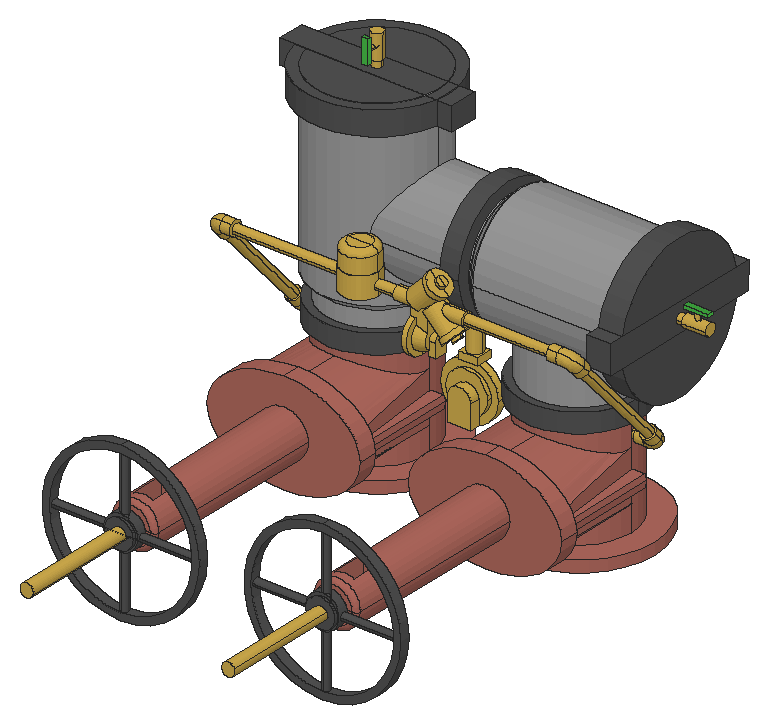
Revit family "Backflow_Preventer-RP-Zurn_Wilkins_Model_475STDA_Flanged (4-10_inch)", category Pipe Accessories, Revit 2022
Family settings
  Round Connector Dimension = Use Radius
  Part Type = Valve - Breaks Into
  Work Plane-Based = No
  Always vertical = Yes
  Cut with Voids When Loaded = No
  Shared = No
Parameters (values of type "10-475STDA (10" 475STDA)")
  Width = 1' - 0"
  URL = "www.zurn.com"
  Symbol = Symbolic diagram 475DAOSY_F : 10"
  Repair Parts URL = "https://files.zurn.com/repair-parts/475stda_475stdav_new_file.pdf"
  Relief valve = Zurn_Wilkins-Model-3707-CU-XL : 10
  Product data URL = "https://www.bimobject.com/en/wilkins/product/zurn-475stda"
  Product Weight (lbs) = 837
  Product Page URL = "https://www.zurn.com/products/water-control/backflow-preventers/475stda"
  Product Installation Sheet URL = "https://files.zurn.com/care-cleaning-install-warranty-sheets/is475st-8.pdf"
  Product Documentation Link = "https://files.zurn.com/spec-sheets/bf-475stda.pdf"
  Nominal Radius = Nominal Diameter / 2  # 0' - 5"
  Nominal Diameter = 0' - 10"
  Modified Data = "11/10/2025"  # constant formula
  Model = "475STDA"
  Max Working Water Temperature = 140 °F
  Max Working Water Pressure = 175.00 psi
  Manufacturer Brand = "Zurn Wilkins"  # constant formula
  Manufacturer = "Zurn Water, LLC"  # constant formula
  Main Valve = Zurn_Wilkins_Model_450ST-(4_Inch) : 10"
  Main Material = Paint - Zurn - Stainless steel
  Length = 2' - 0"
  Inlet to relief valve center = 0' - 10 7/32"
  Hydrostatic test pressure = 350.00 psi
  Height = 1' - 0"
  Gate Valve = Gate Valve_475_OSY : 10"
  Flow Rate (GPM) = 0 GPM
  Fitting Length = 2' - 9"
  Fitting Height = 1' - 5"
  Fitting Bottom end = 2' - 0"
  Description = "Reduced Pressure Detector Assembly"  # constant formula
  DIM E - Valve top to bottom of relief valve = 2' - 8 3/4"
  DIM D - Valve center to side coupling end = 1' - 0 7/8"
  DIM C - Valve center to gate stem top = 3' - 9 5/8"
  DIM B - Overall height of the valve = 3' - 2 3/4"
  Default Elevation = 0' - 0"
  Date Created = "11/10/2025"  # constant formula
  DIM A - Inlet center to outlet center = 1' - 9"
  DA MR Length = Fitting Length + 0' 5 1/2"  # 3' - 2 1/2"
  DA MR Height = 1' - 2"
  DA Length = 1' - 0"
  Center to top of ball on top = 1' - 3 3/4"
  Center to main valve center = 0' - 1 9/16"
  Center to end for fixing gate valve = 0' - 0"
  Center to bottom coupling = 0' - 10"
  Assembly Code = "D2020300"
Reference planes (in)
  plane 1 "Center (Front/Back)": y = 0
  plane 2: z = 0
  plane 3 "Center (Left/Right)": x = 0
  plane 4 "Left Side Plane": x = -12
  plane 5 "Right side Plane": x = 12
  plane 6 "Back Plane": y = 6
  plane 7 "Front Plane": y = -6
  plane 8 "Top Plane": z = 6
  plane 9 "Bottom Plane": z = -6
  plane 10: x = -10.5
  plane 11: x = 10.5
  plane 12: z = 15.75
  plane 13: z = -23
  plane 14: x = -0.28125
  plane 15: z = -17
  plane 16: y = 8.96875
  plane 17: y = -45.625
  plane 18: z = -10
  plane 19: y = -12.875
Dimensions and locks (in)
  equal spacing: plane 5 "Right side Plane", plane 3 "Center (Left/Right)", plane 4 "Left Side Plane"
  "Length": plane 5 "Right side Plane" to plane 4 "Left Side Plane"
  equal spacing: plane 8 "Top Plane", plane 2, plane 9 "Bottom Plane"
  "Height": plane 8 "Top Plane" to plane 9 "Bottom Plane"
  equal spacing: plane 7 "Front Plane", plane 1 "Center (Front/Back)", plane 6 "Back Plane"
  "Width": plane 7 "Front Plane" to plane 6 "Back Plane"
  equal spacing: plane 11, plane 3 "Center (Left/Right)", plane 10
  "DIM A - Inlet center to outlet center": plane 11 to plane 10
  "DIM B - Overall height of the valve": plane 12 to plane 13
  "DIM E - Valve top to bottom of relief valve": plane 12 to plane 15
  "DIM C - Valve center to gate stem top": plane 17 to plane 1 "Center (Front/Back)"
  "Inlet to relief valve center": plane 10 to plane 14
  "Center to bottom coupling": plane 2 to plane 18
  "Center to top of ball on top": plane 12 to plane 2
  "DIM D - Valve center to side coupling end": plane 1 "Center (Front/Back)" to plane 19
  aligned and locked: plane 2 to level
  aligned and locked: nested 1 to plane 10
  aligned and locked: nested 1 to plane 1 "Center (Front/Back)"
  aligned and locked: plane 14 to nested 2
  aligned and locked: nested 2 to plane 2
  aligned and locked: plane 1 "Center (Front/Back)" to nested 2
  aligned and locked: nested 1 to plane 18
  aligned and locked: nested 3 to plane 1 "Center (Front/Back)"
  aligned and locked: plane 13 to nested 3
  aligned and locked: nested 3 to plane 10
  aligned and locked: nested 4 to plane 11
  aligned and locked: nested 4 to plane 13
  aligned and locked: plane 1 "Center (Front/Back)" to nested 4
  aligned and locked: nested 5 to plane 3 "Center (Left/Right)"
  aligned and locked: nested 5 to level
  aligned and locked: plane 19 to nested 5
  aligned and locked: plane 2 to nested 6
  aligned and locked: plane 3 "Center (Left/Right)" to nested 6
  aligned and locked: plane 1 "Center (Front/Back)" to nested 6
Nested families (in)
  nested 1: "Zurn_Wilkins_Model_450ST-(4_Inch)" at (-10.5, 0, -10), type <- "Main Valve", type "10"", detail levels fine
    with Product Install & Maintenance Sheet URL ""
  nested 2: "Zurn_Wilkins-Model-3707-CU-XL" at (0.73462, 8.2845, -14), type <- "Relief valve", type "10", detail levels fine
  nested 3: "Gate Valve_475_OSY" at (-10.5, 0, -16.5) x (0, 0, 1) z (0, -1, 0), type <- "Gate Valve", type "10""
    with Housing Top Radius 0' - 2 3/8", Housing Bottom Radius 0' - 2 1/2", Horizontal Flange Thickness 0' - 1 29/32", Horizontal Flange Height 1' - 0 5/32", Cover Diameter 0' - 7 1/2", Body Radius 0' - 5 1/2", Body Diameter 0' - 11"
  nested 4: "Gate Valve_475_OSY" at (10.5, 0, -16.5) x (0, 0, 1) z (0, -1, 0), type <- "Gate Valve", type "10""
    with Housing Top Radius 0' - 2 3/8", Housing Bottom Radius 0' - 2 1/2", Horizontal Flange Thickness 0' - 1 29/32", Horizontal Flange Height 1' - 0 5/32", Cover Diameter 0' - 7 1/2", Body Radius 0' - 5 1/2", Body Diameter 0' - 11"
  nested 5: "475STDA Bypass" at (2.01587, -18.39999, 0), DA length <- "Fitting Length", Pipe Fitting Bottom Width <- "Fitting Bottom end", Pipe fitting Height <- "Fitting Height", MR Height <- "DA MR Height", MR Length <- "DA MR Length", type "DA Bypass"
    with Pipe fitting length 3' - 1", Pipe fitting Height 1' - 5", Pipe Fitting Bottom Width 2' - 0", MR Length 3' - 2 1/2", MR Height 1' - 2", DA length 2' - 9"
  nested 6: "Symbolic diagram 475DAOSY_F" at (0, 0, 0), type <- "Symbol", type "10""
    with Product Install & Maintenance Sheet URL ""
Connectors (in)
  piping at (-10.5, 0, -23), diameter 10, driven by "Nominal Radius"
    settings: on nested 3, index 1, connector inside diameter 24", connector length 0' - 0", flow factor 0, pipe flow 0 GPM, pressure drop 0.00 psi, fitting loss kfactor 0, connector angle 0.00°, fixture units 0, engagement length 0' - 0", angle of deflection 0.00°, flow configuration 0, flow direction 1, fitting loss method 0, system type 29, joint type 0, gender type 0, connector reference index 2, connector utility 0, adjustable connector no, is connector primary yes, connector description "Inlet"
  piping at (10.5, 0, -23), diameter 10, driven by "Nominal Radius"
    settings: on nested 4, index 2, connector inside diameter 24", connector length 0' - 0", flow factor 0, pipe flow 0 GPM, pressure drop 0.00 psi, fitting loss kfactor 0, connector angle 0.00°, fixture units 0, engagement length 0' - 0", angle of deflection 0.00°, flow configuration 0, flow direction 2, fitting loss method 0, system type 29, joint type 0, gender type 0, connector reference index 1, connector utility 0, adjustable connector no, is connector primary no, connector description "Outlet"
Definition of nested family "Zurn_Wilkins_Model_450ST-(4_Inch)"
  Parameters (values of type "8"")
    zero = 0' - 0"
    bottom of blend length = 0' - 0 183/256"
    Width = 1' - 0"
    Weight = ""
    URL = "http://www.zurn.com/"
    Top of Ball Valve Center = 2' - 1 13/32"
    Standards Compliance = ""
    Specification Sheet URL = ""
    Side Body Length = 1' - 0"
    Side Body Height = 0' - 10"
    Side Body Diameter = 0' - 8 5/8"
    Right Side of Body Length = 1' - 3"
    Repair Parts URL = ""
    Rated Flow = 0 GPM
    Product Page URL = ""
    Product Install & Maintenance Sheet URL [instance] = ""
    Pressure Loss at Rated Flow = 0.00 psi
    Overall length = 1' - 8 1/2"
    Nominal Radius = 0' - 4"
    Nipple dia. = 0' - 1"
    Nipple Length = 0' - 0 23/32"
    Model = "450ST body"
    Max Working Water Temperature = 0 °F
    Max Working Water Pressure = 0.00 psi
    Manufacturer = "Zurn Wilkins"
    Loss Method = (empty or 0)
    Lg coupling width = 0' - 1 1/2"
    Lg coupling thickness = 0' - 2 29/32"
    Lg Coupling dia = Lg Coupling Radius * 2  # 1' - 3"
    Lg Coupling Radius = 0' - 7 1/2"
    Main Body Height = 1' - 8 5/32"
    Main Body Diameter = 1' - 0 3/4"
    Main Body Coupling Height = 0' - 2"
    Length = 2' - 0"
    Hydrostatic Test Pressure = 0.00 psi
    Height to Inlet = 0' - 9 5/8"
    Height = 1' - 0"
    Green Handle = 0' - 0.31842"
    Flow = ""
    Dim. A = 1' - 6 1/2"
    Dim to coupling = 0' - 9 5/8"
    Dim D = 0' - 8 31/32"
    Description = "450ST Double Check Valve Body"
    Default Elevation = 0' - 0"
    Coupling Radius = 0' - 4 25/32"
    Coupling Height = 0' - 2"
    Green Handle Width = 0' - 0.63283"
    Bottom coupling thickness = 0' - 2"
    Blend Width = 0' - 0 225/256"
    Ball Valve Length = 0' - 2 1/2"
    Ball Valve Handle Width = 0' - 6 1/2"
    Ball Valve Handle Height = 0' - 1 1/4"
    Ball Valve Handle Dia. = 0' - 0 1/2"
    Ball Valve Dia. = 0' - 1 1/4"
    4" Coupling dia = 0' - 9 1/2"
  Types (4): name | bottom of blend length | Side Body Length | Side Body Height | Side Body Diameter | Right Side of Body Length | Nominal Radius | Nipple Length | Lg coupling thickness | Lg Coupling dia | Lg Coupling Radius | Main Body Height | Main Body Diameter | Main Body Coupling Height | Height to Inlet | Dim. A | Dim to coupling | Dim D | Coupling Radius | Coupling Height | Bottom coupling thickness | Blend Width | Ball Valve Handle Width | 4" Coupling dia
    4 inch | 0' - 0 1/2" | 0' - 10" | 0' - 6" | 0' - 4 1/2" | 0' - 7 9/16" | 0' - 3 5/16" | 0' - 0 1/8" | 0' - 1 31/32" | 0' - 7 9/32" | 0' - 3 41/64" | 0' - 10 5/8" | 0' - 6 5/8" | 0' - 1 15/16" | 0' - 6" | 1' - 2" | 0' - 7 3/8" | 0' - 4 31/32" | 0' - 2 13/16" | 0' - 1 1/2" | 0' - 1 1/4" | 0' - 0 1/2" | 0' - 0 5/32" | 0' - 5 1/2"
    6" | 0' - 0 183/256" | 0' - 10" | 0' - 7 9/16" | 0' - 6 5/8" | 0' - 11 9/16" | 0' - 3" | 0' - 0 1/4" | 0' - 2 1/32" | 0' - 10 5/16" | 0' - 5 5/32" | 1' - 2 5/8" | 0' - 8 5/8" | 0' - 2" | 0' - 7 9/16" | 1' - 4" | 0' - 7 13/16" | 0' - 6 5/16" | 0' - 4 1/64" | 0' - 2" | 0' - 1 9/32" | 0' - 0 225/256" | 0' - 0 5/32" | 0' - 7 1/2"
    8" | 0' - 0 183/256" | 1' - 0" | 0' - 10" | 0' - 8 5/8" | 1' - 3" | 0' - 4" | 0' - 0 23/32" | 0' - 2 29/32" | 1' - 3" | 0' - 7 1/2" | 1' - 8 5/32" | 1' - 0 3/4" | 0' - 2" | 0' - 9 5/8" | 1' - 6 1/2" | 0' - 9 5/8" | 0' - 8 31/32" | 0' - 4 25/32" | 0' - 2" | 0' - 2" | 0' - 0 225/256" | 0' - 6 1/2" | 0' - 9 1/2"
    10" | 0' - 0 183/256" | 1' - 2" | 0' - 10" | 0' - 10 3/4" | 1' - 2" | 0' - 4 7/32" | 0' - 0 23/32" | 0' - 2 29/32" | 1' - 3" | 0' - 7 1/2" | 1' - 10 17/32" | 1' - 0 3/4" | 0' - 2 1/2" | 0' - 10" | 1' - 9" | 0' - 11 3/4" | 0' - 8 31/32" | 0' - 6 1/2" | 0' - 2" | 0' - 2" | 0' - 0 225/256" | 0' - 6 1/2" | 1' - 0 1/2"
  Reference planes (in)
    plane 1 "Center (Front/Back)": y = 0
    plane 2: z = 0
    plane 3 "Center (Left/Right)": x = 0
    plane 4 "Left Side Plane": x = -12
    plane 5 "Right side Plane": x = 12
    plane 6 "Back Plane": y = 6
    plane 7 "Front Plane": y = -6
    plane 8 "Top Plane": z = 6
    plane 9 "Bottom Plane": z = -6
    plane 10: x = 12
    plane 11: x = 13
    plane 12 "Dim A": x = 18.5
    plane 13 "Center of Side Body": z = 9.625
    plane 14: x = 28
    plane 15: z = 2
    plane 16: z = 18.15625
    plane 17: x = 30
    plane 18: x = 9.625
    plane 19: x = 11.625
    plane 20: z = 20.15625
    plane 21: z = 20.875
    plane 22: x = 33.21875
    plane 23: y = 0
    plane 24: x = 33.90625
    plane 25: y = 0.31642
    plane 26: y = -0.31642
    plane 27: z = 10.875
    plane 28: z = 23.375
    plane 29: z = 22.125
    plane 30: x = 31.94908
    plane 31: y = -1.25
    plane 32: x = 0
    plane 33: z = 15.5
    plane 34: x = -0.31642
    plane 35: x = 0.31642
    plane 36: x = 30.71875
    plane 37: z = 11.19342
    plane 38: y = -1.56842
    plane 39: z = 2.71484
    plane 40: z = 3.59375
    plane 41: z = 0.96223
    plane 42: z = -1.03777
    plane 43: y = 4.3125
    plane 44: y = -4.3125
    plane 45: y = 4.78125
    plane 46: y = -4.78125
    plane 47: y = 6.375
    plane 48: y = -6.375
    plane 49: y = 4
    plane 50: y = -4
    plane 51: y = 0.625
    plane 52: y = -0.625
    plane 53: z = 1
    plane 54: z = -1
    plane 55: y = 8.96875
    plane 56: y = -8.96875
    plane 57: z = 6.78215
    plane 58: z = 11.07812
    plane 59: z = 8.17187
    plane 60: y = 1.45312
    plane 61: y = -1.45313
    plane 62: x = -8.96875
    plane 63: x = 8.96875
    plane 64: y = 1.45312
    plane 65: y = -1.45313
    plane 66: x = -8.96875
    plane 67 "wewdwewe": z = 0
  Forms (in)
    Extrusion 1, solid, detail levels fine
      sketch origin (0, 0, 0) x (1, 0, 0) y (0, 1, 0)
        loop
          circle (0, 0) r 4.3125
      from 0 to 9.625
    Extrusion 2, solid, detail levels fine
      sketch origin (0, 0, 0) x (1, 0, 0) y (0, 1, 0)
        loop
          circle (0, 0) r 6.375
      from 3.59375 to 20.15625
    Blend 3, solid, detail levels fine
      base sketch origin (0, 0, 0) x (1, 0, 0) y (0, 1, 0)
        loop
          circle (0, 0) r 4.3125
      top sketch origin (0, 0, 0) x (1, 0, 0) y (0, 1, 0)
        loop
          circle (0, 0) r 6.375
      from 2.71484 to 3.59375
    Extrusion 4, solid, detail levels fine
      sketch origin (0, 0, 0) x (1, 0, 0) y (0, 1, 0)
        loop
          circle (0, 0) r 7.5
      from 18.15625 to 20.15625
    Extrusion 5, solid, detail levels fine
      sketch origin (0, 0, 0) x (0, 1, 0) y (0, 0, 1)
        loop
          circle (0, 9.625) r 4.3125
      from 0 to 12
    Blend 6, solid, detail levels fine
      base sketch origin (0, 0, 0) x (0, 1, 0) y (0, 0, 1)
        loop
          circle (0, 9.625) r 4.3125
      top sketch origin (0, 0, 0) x (0, 1, 0) y (0, 0, 1)
        loop
          circle (0, 9.625) r 6.375
      from 12 to 13
    Extrusion 7, solid, detail levels fine
      sketch origin (0, 0, 0) x (1, 0, 0) y (0, 1, 0)
        loop
          circle (18.5, 0) r 4.3125
      from 0 to 9.625
    Extrusion 8, solid, detail levels fine
      sketch origin (0, 0, 0) x (0, 1, 0) y (0, 0, 1)
        loop
          circle (0, 9.625) r 6.375
      from 13 to 28
    Extrusion 9, solid, detail levels fine
      sketch origin (0, 0, 0) x (0, 1, 0) y (0, 0, 1)
        loop
          circle (0, 9.625) r 7.5
      from 30 to 28
    Extrusion 10, solid, detail levels fine
      sketch origin (0, 0, 0) x (0, 1, 0) y (0, 0, 1)
        loop
          circle (0, 9.625) r 4.78125
      from 9.625 to 11.625
    Extrusion 11, solid, detail levels fine
      sketch origin (0, 0, 0) x (1, 0, 0) y (0, 1, 0)
        loop
          circle (0, 0) r 0.5
      from 20.15625 to 20.875
    Extrusion 12, solid, detail levels fine
      sketch origin (0, 0, 0) x (0, 1, 0) y (0, 0, 1)
        loop
          circle (0, 9.625) r 0.5
      from 30 to 30.71875
    Extrusion 13, solid, detail levels fine
      sketch origin (0, 0, 0) x (0, 1, 0) y (0, 0, 1)
        loop
          circle (0, 9.625) r 0.625
      from 30.71875 to 33.21875
    Extrusion 14, solid, detail levels fine
      sketch origin (10.98033, 0, 0) x (1, 0, 0) y (0, 1, 0)
        loop
          circle (20.96875, 0) r 0.25
      from 9.625 to 10.875
    Extrusion 15, solid, detail levels fine
      sketch origin (8.5, 0, 0) x (1, 0, 0) y (0, 1, 0)
        loop
          line (22.21875, 0.31642) -> (22.21875, -0.31642) -> (24.71875, -0.31642) -> (24.71875, 0.31642) -> (22.21875, 0.31642)
      from 10.875 to 11.19342
    Extrusion 16, solid, detail levels fine
      sketch origin (0, 0, 0) x (1, 0, 0) y (0, 1, 0)
        loop
          circle (0, 0) r 0.625
      from 20.875 to 23.375
    Extrusion 17, solid, detail levels fine
      sketch origin (0, 0, 0) x (1, 0, 0) y (0, 0, 1)
        loop
          circle (0, 22.125) r 0.25
      from 0 to 1.25
    Extrusion 18, solid, detail levels fine
      sketch origin (0, 0, 0) x (1, 0, 0) y (0, 0, 1)
        loop
          line (-0.31642, 23.375) -> (-0.31642, 20.875) -> (0.31642, 20.875) -> (0.31642, 23.375) -> (-0.31642, 23.375)
      from 1.25 to 1.56842
    Extrusion 19, solid, detail levels fine
      sketch origin (0, 0, 0) x (1, 0, 0) y (0, 1, 0)
        loop
          circle (0, 0) r 4.75
        loop
          circle (18.5, 0) r 4.75
      from -1 to 1
    Extrusion 20, solid, detail levels fine
      sketch origin (0, 0, 0) x (0, 1, 0) y (0, 0, 1)
        loop
          line (-8.96875, 11.07812) -> (-8.96875, 8.17187) -> (8.96875, 8.17187) -> (8.96875, 11.07812) -> (-8.96875, 11.07812)
      from 30 to 28
    Extrusion 21, solid, detail levels fine
      sketch origin (0, 0, 0) x (1, 0, 0) y (0, 1, 0)
        loop
          line (-8.96875, 1.45312) -> (-8.96875, -1.45313) -> (8.96875, -1.45313) -> (8.96875, 1.45312) -> (-8.96875, 1.45312)
      from 18.15625 to 20.15625
  Lines and regions (in)
    Masking region 1, detail levels fine
      outline origin (0, 0, 0) x (1, 0, 0) y (0, 1, 0)
        loop
          arc (6.13615, 4.3125) -> (-1.55472, 7.33709) -> (-7.35788, 1.45312) r 7.5
          line (-7.35788, 1.45312) -> (-8.96875, 1.45312) -> (-8.96875, -1.45313) -> (-7.35788, -1.45313)
          arc (-7.35788, -1.45313) -> (-1.55472, -7.33709) -> (6.13615, -4.3125) r 7.5
          line (6.13615, -4.3125) -> (9.625, -4.3125) -> (9.625, -4.78125) -> (11.625, -4.78125) -> (11.625, -4.3125) -> (12, -4.3125) -> (13, -6.375) -> (28, -6.375) -> (28, -8.96875) -> (30, -8.96875) -> (30, -0.625) -> (33.21875, -0.625) -> (33.21875, 0.625) -> (30, 0.625) -> (30, 8.96875) -> (28, 8.96875) -> (28, 6.375) -> (13, 6.375) -> (12, 4.3125) -> (11.625, 4.3125) -> (11.625, 4.78125) -> (9.625, 4.78125) -> (9.625, 4.3125) -> (6.13615, 4.3125)
  Dimensions and locks (in)
    equal spacing: plane 5 "Right side Plane", plane 3 "Center (Left/Right)", plane 4 "Left Side Plane"
    "Length": plane 5 "Right side Plane" to plane 4 "Left Side Plane"
    equal spacing: plane 8 "Top Plane", plane 2, plane 9 "Bottom Plane"
    "Height": plane 8 "Top Plane" to plane 9 "Bottom Plane"
    equal spacing: plane 7 "Front Plane", plane 1 "Center (Front/Back)", plane 6 "Back Plane"
    "Width": plane 7 "Front Plane" to plane 6 "Back Plane"
    "Side Body Length": plane 3 "Center (Left/Right)" to plane 10
    locked: plane 10 to plane 11 at 1
    "Dim. A": plane 3 "Center (Left/Right)" to plane 12 "Dim A"
    locked: Extrusion 7 sketch curve to plane 12 "Dim A"
    locked: Extrusion 7 sketch curve to plane 1 "Center (Front/Back)"
    "Height to Inlet": plane 13 "Center of Side Body" to plane 2
    "Right Side of Body Length": plane 14 to plane 11
    "Coupling Height": plane 15 to plane 2
    "Main Body Coupling Height": plane 17 to plane 14
    "Dim to coupling": plane 18 to plane 3 "Center (Left/Right)"
    "Coupling Height": plane 19 to plane 18
    "Main Body Height": plane 20 to plane 2
    "Main Body Coupling Height": plane 20 to plane 16
    "Nipple Length": plane 21 to plane 20
    Extrusion 12 sketch curve to plane 1 "Center (Front/Back)" = 0' - 0"
    "Ball Valve Length": plane 28 to plane 21
    equal spacing: plane 28, plane 29, plane 21, locked at 1.25 each
    plane 30 to plane 22 = 0' - 1.26967"
    locked: plane 30 to Extrusion 14 sketch curve
    locked: Extrusion 14 sketch curve to plane 1 "Center (Front/Back)"
    locked: Extrusion 17 sketch curve to plane 3 "Center (Left/Right)"
    locked: Extrusion 17 sketch curve to plane 29
    "Green Handle Width": plane 25 to plane 26
    "Green Handle Width": plane 35 to plane 34
    equal spacing: plane 35, plane 32, plane 34, locked at 0.31642 each
    "Height to Inlet": Extrusion 12 sketch curve to plane 2
    "Nipple Length": plane 17 to plane 36
    "Ball Valve Length": plane 36 to plane 22
    "Ball Valve Handle Height": plane 27 to plane 13 "Center of Side Body"
    "Green Handle": plane 37 to plane 27
    "Ball Valve Handle Height": plane 31 to plane 1 "Center (Front/Back)"
    "Green Handle": plane 31 to plane 38
    plane 17 to plane 3 "Center (Left/Right)" = 2' - 6"
    "bottom of blend length": plane 39 to plane 15
    "Blend Width": plane 40 to plane 39
    "Coupling Height": plane 41 to plane 42
    equal spacing: plane 44, plane 1 "Center (Front/Back)", plane 43
    "Coupling Radius": plane 46 to plane 1 "Center (Front/Back)" to plane 45
    equal spacing: plane 47, plane 1 "Center (Front/Back)", plane 48
    plane 50 to plane 1 "Center (Front/Back)" to plane 49 = 0' - 4" locked, 0' - 4" locked
    plane 51 to plane 1 "Center (Front/Back)" to plane 52 = 0' - 0 5/8" locked, 0' - 0 5/8" locked
    equal spacing: plane 53, level, plane 54
    "Bottom coupling thickness": plane 53 to plane 54
    equal spacing: plane 56, plane 1 "Center (Front/Back)", plane 55
    "Dim D": plane 1 "Center (Front/Back)" to plane 55
    equal spacing: plane 62, plane 3 "Center (Left/Right)", plane 63
    "Dim D": plane 3 "Center (Left/Right)" to plane 63
    equal spacing: plane 65, plane 1 "Center (Front/Back)", plane 64
    "Dim D": plane 66 to plane 3 "Center (Left/Right)"
    "Side Body Diameter": plane 44 to plane 43
    "Main Body Diameter": plane 47 to plane 48
    "Lg coupling thickness": plane 65 to plane 64
    equal spacing: plane 58, plane 13 "Center of Side Body", plane 59
    "Lg coupling thickness": plane 59 to plane 58
    equal spacing: plane 61, plane 1 "Center (Front/Back)", plane 60
    "Lg coupling thickness": plane 61 to plane 60
    "Main Body Diameter": diameter of Blend 3 sketch curve
    "Main Body Diameter": diameter of Extrusion 2 sketch curve
    "Lg Coupling Radius": radius of Extrusion 4 sketch curve
    "Side Body Diameter": diameter of Extrusion 5 sketch curve
    "Side Body Diameter": diameter of Blend 6 sketch curve
    "Main Body Diameter": diameter of Blend 6 sketch curve
    "Main Body Diameter": diameter of Extrusion 8 sketch curve
    "Lg Coupling Radius": radius of Extrusion 9 sketch curve
    "Coupling Radius": radius of Extrusion 10 sketch curve
    "Nipple dia.": diameter of Extrusion 11 sketch curve
    "Nipple dia.": diameter of Extrusion 12 sketch curve
    "Ball Valve Dia.": diameter of Extrusion 13 sketch curve
    "Ball Valve Dia.": diameter of Extrusion 16 sketch curve
    "Ball Valve Handle Dia.": diameter of Extrusion 17 sketch curve
    "Ball Valve Handle Dia.": diameter of Extrusion 14 sketch curve
    "Side Body Diameter": diameter of Extrusion 7 sketch curve
    "Side Body Diameter": diameter of Extrusion 1 sketch curve
    "Side Body Diameter": diameter of Blend 3 sketch curve
    "4" Coupling dia": diameter of Extrusion 19 sketch curve  (x2)
    "Lg Coupling dia": diameter of Masking region 1 sketch curve  (x2)
    aligned and locked: plane 2 to level
    aligned and locked: Blend 3 to Extrusion 2
    aligned and locked: Extrusion 4 to Extrusion 2
    aligned and locked: Extrusion 5 to plane 3 "Center (Left/Right)"
    aligned and locked: Extrusion 5 to plane 10
    aligned and locked: Blend 6 to plane 11
    aligned and locked: Blend 6 to Extrusion 5
    aligned and locked: plane 13 "Center of Side Body" to Extrusion 7
    aligned and locked: plane 11 to Extrusion 8
    aligned and locked: plane 14 to Extrusion 8
    aligned and locked: plane 14 to Extrusion 9
    aligned and locked: Extrusion 9 to plane 17
    aligned and locked: Extrusion 10 to plane 18
    aligned and locked: plane 19 to Extrusion 10
    aligned and locked: Extrusion 4 to plane 20
    aligned and locked: plane 20 to Extrusion 11
    aligned and locked: Extrusion 11 to plane 21
    aligned and locked: Extrusion 7 to Extrusion 14
    aligned and locked: Extrusion 15 sketch curve to plane 25
    aligned and locked: Extrusion 15 sketch curve to plane 26
    aligned and locked: plane 21 to Extrusion 16
    aligned and locked: Extrusion 16 to plane 28
    aligned and locked: plane 23 to plane 1 "Center (Front/Back)"
    aligned and locked: Extrusion 17 to plane 31
    aligned and locked: plane 28 to Extrusion 18 sketch curve
    aligned and locked: Extrusion 18 sketch curve to plane 21
    aligned and locked: plane 34 to Extrusion 18 sketch curve
    aligned and locked: Extrusion 18 sketch curve to plane 35
    aligned and locked: plane 32 to plane 3 "Center (Left/Right)"
    aligned and locked: plane 16 to Extrusion 4
    aligned and locked: Extrusion 12 to plane 17
    aligned and locked: Extrusion 12 to plane 36
    aligned and locked: plane 36 to Extrusion 13
    aligned and locked: plane 22 to Extrusion 13
    aligned and locked: plane 27 to Extrusion 14
    aligned and locked: plane 36 to Extrusion 15
    aligned and locked: plane 22 to Extrusion 15
    aligned and locked: Extrusion 15 to plane 27
    aligned and locked: plane 37 to Extrusion 15
    aligned and locked: plane 31 to Extrusion 18
    aligned and locked: plane 38 to Extrusion 18
    aligned and locked: plane 13 "Center of Side Body" to Extrusion 1
    aligned and locked: Blend 3 to plane 39
    aligned and locked: plane 40 to Extrusion 2
    aligned and locked: Extrusion 1 to plane 2
    aligned and locked: plane 3 "Center (Left/Right)" to Masking region 1 sketch curve  (x2)
    aligned and locked: plane 1 "Center (Front/Back)" to Masking region 1 sketch curve  (x2)
    aligned and locked: Masking region 1 sketch curve to plane 14
    aligned and locked: plane 14 to Masking region 1 sketch curve
    aligned and locked: Masking region 1 sketch curve to plane 17
    aligned and locked: plane 17 to Masking region 1 sketch curve
    aligned and locked: plane 19 to Masking region 1 sketch curve
    aligned and locked: Masking region 1 sketch curve to plane 18
    aligned and locked: plane 18 to Masking region 1 sketch curve
    aligned and locked: Masking region 1 sketch curve to plane 19
    aligned and locked: plane 10 to Masking region 1 sketch curve  (x2)
    aligned and locked: plane 11 to Masking region 1 sketch curve  (x2)
    aligned and locked: Masking region 1 sketch curve to plane 43  (x2)
    aligned and locked: plane 44 to Masking region 1 sketch curve  (x3)
    aligned and locked: Masking region 1 sketch curve to plane 45
    aligned and locked: plane 46 to Masking region 1 sketch curve
    aligned and locked: plane 47 to Masking region 1 sketch curve
    aligned and locked: Masking region 1 sketch curve to plane 48
    aligned and locked: plane 43 to Masking region 1 sketch curve
    aligned and locked: plane 22 to Masking region 1 sketch curve
    aligned and locked: Masking region 1 sketch curve to plane 51
    aligned and locked: Masking region 1 sketch curve to plane 52
    aligned and locked: plane 3 "Center (Left/Right)" to Extrusion 19 sketch curve
    aligned and locked: plane 1 "Center (Front/Back)" to Extrusion 19 sketch curve  (x2)
    aligned and locked: plane 12 "Dim A" to Extrusion 19 sketch curve
    aligned and locked: Extrusion 19 to plane 54
    aligned and locked: Extrusion 19 to plane 53
    aligned and locked: plane 58 to Extrusion 20 sketch curve
    aligned and locked: plane 59 to Extrusion 20 sketch curve
    aligned and locked: Extrusion 20 sketch curve to plane 55
    aligned and locked: Extrusion 20 sketch curve to plane 56
    aligned and locked: Extrusion 9 to Extrusion 20
    aligned and locked: Extrusion 20 to plane 14
    aligned and locked: plane 55 to Masking region 1 sketch curve
    aligned and locked: Masking region 1 sketch curve to plane 56
    aligned and locked: Extrusion 21 sketch curve to plane 61
    aligned and locked: plane 60 to Extrusion 21 sketch curve
    aligned and locked: plane 62 to Extrusion 21 sketch curve
    aligned and locked: plane 63 to Extrusion 21 sketch curve
    aligned and locked: Extrusion 21 to Extrusion 4
    aligned and locked: Extrusion 21 to Extrusion 2
    aligned and locked: Masking region 1 sketch curve to plane 64
    aligned and locked: Masking region 1 sketch curve to plane 66
    aligned and locked: Masking region 1 sketch curve to plane 65
    aligned and locked: plane 65 to Masking region 1 sketch curve
    aligned and locked: plane 1 "Center (Front/Back)" to Extrusion 8 sketch curve
    aligned and locked: plane 13 "Center of Side Body" to Extrusion 8 sketch curve
    aligned and locked: plane 1 "Center (Front/Back)" to Extrusion 5 sketch curve
    aligned and locked: plane 13 "Center of Side Body" to Extrusion 5 sketch curve
    aligned and locked: plane 1 "Center (Front/Back)" to Extrusion 10 sketch curve
    aligned and locked: plane 13 "Center of Side Body" to Extrusion 10 sketch curve
    aligned and locked: plane 1 "Center (Front/Back)" to Blend 6 sketch curve  (x2)
    aligned and locked: plane 13 "Center of Side Body" to Blend 6 sketch curve  (x2)
    aligned and locked: plane 1 "Center (Front/Back)" to Extrusion 9 sketch curve
    aligned and locked: plane 13 "Center of Side Body" to Extrusion 9 sketch curve
    aligned and locked: plane 1 "Center (Front/Back)" to Extrusion 2 sketch curve
    aligned and locked: plane 3 "Center (Left/Right)" to Extrusion 2 sketch curve
    aligned and locked: plane 3 "Center (Left/Right)" to Blend 3 sketch curve  (x2)
    aligned and locked: plane 1 "Center (Front/Back)" to Blend 3 sketch curve  (x2)
    aligned and locked: plane 3 "Center (Left/Right)" to Extrusion 1 sketch curve
    aligned and locked: plane 1 "Center (Front/Back)" to Extrusion 1 sketch curve
    aligned and locked: plane 3 "Center (Left/Right)" to Extrusion 4 sketch curve
    aligned and locked: plane 1 "Center (Front/Back)" to Extrusion 4 sketch curve
    aligned and locked: plane 1 "Center (Front/Back)" to Extrusion 11 sketch curve
    aligned and locked: plane 3 "Center (Left/Right)" to Extrusion 11 sketch curve
    aligned and locked: plane 3 "Center (Left/Right)" to Extrusion 16 sketch curve
    aligned and locked: plane 1 "Center (Front/Back)" to Extrusion 16 sketch curve
    aligned and locked: Extrusion 7 to level
    aligned and locked: level to plane 67 "wewdwewe"
    aligned and locked: plane 1 "Center (Front/Back)" to Extrusion 13 sketch curve
    aligned and locked: plane 13 "Center of Side Body" to Extrusion 13 sketch curve
  Automatic sketch dimensions
    Extrusion 15 sketch curve to plane 36 = 0' - 0"
    plane 22 to Extrusion 15 sketch curve = 0' - 0"
Definition of nested family "Zurn_Wilkins-Model-3707-CU-XL"
  Parameters (values of type "8"")
    Valve position = 1' - 6 5/16"
    Weight = "5 lbs."
    Valve center to relief valve bottom = 1' - 4 7/8"
    Test Cock Position = 0' - 6 1/4"
    Pipe Sweep Length = 1' - 2 11/32"
    Top Pipe Position = 0' - 11 31/32"
    Pipe2 Position = 0' - 10 7/8"
    Pipe1 Position = 0' - 5 15/32"
    Model = "3707-CU-XL"
    Loss Method = (empty or 0)
    Left Pipe Length = 0' - 6"
    Flange Thickness = 0' - 1 1/4"
    Flange Radius = Pipe Size + 0' 1"  # 0' - 3"
    Right Flange Radius = 0' - 4 1/32"
    Right Flange Positon = 0' - 6 3/32"
    Right Body Position = 0' - 4 1/2"
    Description = "Relief Valve"
    Default Elevation = 0' - 0"
    Center Plane Left = 0' - 8 31/32"
    Center Plan Right = 0' - 8 15/16"
    Valve connection Position = 0' - 1"
    Right Body Radius = 0' - 4 1/4"
    Assembly Code = ""
    Pipe Size = 0' - 2"
    Larger Radius = Body Radius * 1.6  # 0' - 2.4"
    Body Radius = (Pipe Size / 2) + 0' 0 1/2"  # 0' - 1 1/2"
    Right Body Length = 1' - 1 77/256"
  Types (4): name | Valve center to relief valve bottom
    10 | 1' - 5"
    8" | 1' - 4 7/8"
    6" | 1' - 0 9/16"
    4" | 0' - 11 1/8"
  Reference planes (in)
    plane 1 "Center (Front/Back)": y = -8.2845
    plane 2: z = 0
    plane 3: y = -5.8845
    plane 4: y = -10.6845
    plane 5: x = 8.14038
    plane 6: x = -10.17212
    plane 7: x = -1.01587
    plane 8 "Back Plane": y = 0.59737
    plane 9: through (6.67018, -180, 20.32559) normal (0.7071, 0, -0.7071)
    plane 10: through (17.19592, -180, 18.2118) normal (0.7071, 0, -0.7071)
    plane 11: through (3.83807, -180, 7.82979) normal (0.7071, 0, 0.7071)
    plane 12: through (-7.61286, -180, 6.59699) normal (0.7071, 0, 0.7071)
    plane 13: z = -1
    plane 14: y = -7.847
    plane 15: y = -6.67512
    plane 16: y = -8.98848
    plane 17: y = -9.37069
    plane 18: y = -10.35695
    plane 19: y = -7.47808
    plane 20: y = -9.20892
    plane 21: z = 3.53175
    plane 22: z = 13.875
    plane 23: z = -2.67624
    plane 24: z = -3
  Forms (in)
    Extrusion 1, solid, detail levels fine
      sketch origin (0.26238, -8.2845, -4.27255) x (1, 0, 0) y (0, 0, 1)
        loop
          line (-2.27826, 7.8043) -> (-2.27826, 7.0438) -> (-0.27826, 7.0438) -> (-0.27826, 7.8043) -> (-2.27826, 7.8043)
      from -0.80642 to 0.92443
    Extrusion 2, solid, detail levels fine
      sketch origin (-0.00029, -8.2845, -0.00089) x (1, 0, 0) y (0, 0, 1)
        loop
          arc (0.18655, -0.22415) -> (-1.01558, 0.97798) -> (-2.21771, -0.22415) r 1.20213
          line (-2.21771, -0.22415) -> (-2.21771, -2.67535) -> (0.18655, -2.67535) -> (0.18655, -0.22415)
      from 1.08619 to 2.07246
    Extrusion 3, solid, detail levels fine
      sketch origin (-0.00029, -8.2845, -0.00089) x (1, 0, 0) y (0, 0, 1)
        loop
          circle (-1.01558, 0.00089) r 3
      from 0 to 0.70398
    Extrusion 4, solid, detail levels fine
      sketch origin (-0.00029, -8.2845, -0.00089) x (1, 0, 0) y (0, 0, 1)
        loop
          circle (-1.01558, 0.00089) r 2.18
      from 0.70398 to 1.08619
    Extrusion 5, solid, detail levels fine
      sketch origin (0.347, 0.59737, 0.06309) x (-1, 0, 0) y (0, 0, 1)
        loop
          circle (1.36287, -0.06309) r 2.25
      from -8.88186 to -8.44436
    Extrusion 6, solid, detail levels fine
      sketch origin (0.347, 0.59737, 0.06309) x (-1, 0, 0) y (0, 0, 1)
        loop
          circle (1.36287, -0.06309) r 1.0625
      from -8.44436 to -7.27249
    Extrusion 7, solid, detail levels fine
      sketch origin (0, 0, 0) x (1, 0, 0) y (0, 1, 0)
        loop
          circle (-1.01587, -8.2845) r 0.75
      from 3.53175 to 13.875
  Dimensions and locks (in)
    "Larger Radius": plane 3 to plane 1 "Center (Front/Back)"
    "Larger Radius": plane 4 to plane 1 "Center (Front/Back)"
    equal spacing: plane 5, plane 7, plane 6
    "Valve position": plane 5 to plane 6
    "Center Plan Right": plane 10 to plane 9
    "Center Plane Left": plane 11 to plane 12
    "Valve connection Position": level to plane 13
    locked: plane 8 "Back Plane" to plane 1 "Center (Front/Back)" at 8.88186
    locked: Extrusion 1 sketch curve to Extrusion 1 sketch curve at 0.7605
    locked: Extrusion 2 sketch curve to Extrusion 2 sketch curve at 2.40425
    locked: Extrusion 1 to Extrusion 2 sketch curve at 5.44749
    locked: plane 7 to Extrusion 3 sketch curve at 0
    locked: plane 2 to Extrusion 3 sketch curve
    locked: plane 7 to Extrusion 4 sketch curve at 0
    locked: plane 2 to Extrusion 4 sketch curve
    locked: plane 7 to Extrusion 2 sketch curve
    plane 7 to Extrusion 1 sketch curve = 0' - 1"  (x2)
    locked: plane 7 to Extrusion 5 sketch curve at 0
    locked: Extrusion 5 sketch curve to plane 2
    locked: plane 14 to plane 1 "Center (Front/Back)" at 0.4375
    locked: Extrusion 6 sketch curve to plane 7 at 0
    locked: Extrusion 6 sketch curve to plane 2 at 0
    locked: plane 15 to plane 14 at 1.17188
    plane 1 "Center (Front/Back)" to plane 16 = 0' - 0.70398"
    locked: plane 16 to plane 17 at 0.38221
    locked: plane 17 to plane 18 at 0.98626
    locked: plane 19 to plane 20 at 1.73084
    locked: plane 2 to plane 21 at 3.53175
    locked: plane 2 to Extrusion 2 sketch curve at 0.22504
    locked: level to plane 23 at 2.67624
    locked: level to plane 24 at 3
    "Valve center to relief valve bottom": plane 22 to plane 24
    radius of Extrusion 4 sketch curve = 0' - 2.18"
    radius of Extrusion 2 sketch curve = 0' - 1.20213"
    radius of Extrusion 5 sketch curve = 0' - 2 1/4"
    radius of Extrusion 6 sketch curve = 0' - 1 1/16"
    diameter of Extrusion 7 sketch curve = 0' - 1 1/2"
    aligned and locked: Extrusion 4 to Extrusion 3
    aligned and locked: Extrusion 2 to Extrusion 4
    aligned and locked: plane 1 "Center (Front/Back)" to Extrusion 5
    aligned and locked: plane 14 to Extrusion 5
    aligned and locked: plane 14 to Extrusion 6
    aligned and locked: plane 15 to Extrusion 6
    aligned and locked: plane 16 to Extrusion 3
    aligned and locked: plane 17 to Extrusion 4
    aligned and locked: plane 18 to Extrusion 2
    aligned and locked: plane 19 to Extrusion 1
    aligned and locked: plane 20 to Extrusion 1
    aligned and locked: plane 21 to Extrusion 1
    aligned and locked: plane 7 to Extrusion 7 sketch curve
    aligned and locked: plane 1 "Center (Front/Back)" to Extrusion 7 sketch curve
    aligned and locked: Extrusion 7 to Extrusion 1
    aligned and locked: Extrusion 7 to plane 22
  Automatic sketch dimensions
    Extrusion 1 sketch curve to plane 21 = 0' - 0"
    radius of Extrusion 3 sketch curve = 0' - 3"
Definition of nested family "Gate Valve_475_OSY"
  Parameters (values of type "8"")
    URL = "http://www.zurn.com/operations/wilkins/pdfs/specsheets/GV-48WILKINS.pdf"
    Symbol Width = 0.5 * Body Length * tan(30.00°)  # 0' - 3.31976"
    Spoke Width = Hand Wheel Radius - 0' 0 3/4"  # 0' - 6 5/8"
    Screw dia = 0' - 0 11/16"
    Pipe Size = 0' - 8"
    Pipe Radius = 0' - 4"
    Open Height = 3' - 1"
    OSY = yes
    Model = "48"
    Masking Length = 1' - 8"
    Manufacturer = "Zurn Wilkins"
    Loss Method = (empty or 0)
    Housing Top Radius [instance] = Housing Bottom Radius - 0' 0 1/8"  # 0' - 2 3/8"
    Housing Bottom Radius [instance] = if(Hand Wheel Diameter > 0' 11", 0' 2 1/2", 0' 1 13/16")  # 0' - 2 1/2"
    Horizontal Flange Thickness [instance] = ((Flange Thickness * 0.75) * 2) + 0' 0 1/8"  # 0' - 1 13/16"
    Horizontal Flange Height [instance] = (Flange Diameter / 2) + ((Flange Thickness * 2) * 1.75)  # 0' - 10 11/16"
    Handle Height = 0' - 1.59777"
    Hand Wheel Height = Open Height / 2  # 1' - 6 1/2"
    Hand Wheel Radius = Hand Wheel Diameter / 2  # 0' - 7 3/8"
    Hand Wheel Diameter = 1' - 2 3/4"
    Flange Thickness = 0' - 1 1/8"
    Flange Radius = Flange Diameter / 2  # 0' - 6 3/4"
    Flange Diameter = 1' - 1 1/2"
    Description = "Gate Valve"
    Default Elevation = 0' - 0"
    Cover Diameter [instance] = (Flange Diameter / 2) - 0' 0 1/2"  # 0' - 6 1/4"
    Closed Height = 2' - 4 1/2"
    Body Radius [instance] = (Pipe Size / 2) + 0' 0 1/2"  # 0' - 4 1/2"
    Body Length = 0' - 11 1/2"
    Body Diameter [instance] = Body Radius * 2  # 0' - 9"
    Ball Valve Radius = 0' - 1"
    Ball Valve Length = 0' - 11"
    Assembly Code = "D2090800"
  Types (4): name | Symbol Width | Spoke Width | Pipe Size | Pipe Radius | Open Height | Masking Length | Housing Top Radius | Housing Bottom Radius | Horizontal Flange Thickness | Horizontal Flange Height | Hand Wheel Height | Hand Wheel Radius | Hand Wheel Diameter | Flange Thickness | Flange Radius | Flange Diameter | Cover Diameter | Closed Height | Body Radius | Body Length | Body Diameter | Ball Valve Length
    10" | 0' - 3.75278" | 0' - 7 7/16" | 0' - 10" | 0' - 5" | 3' - 9 5/8" | 1' - 8" | 0' - 2 3/8" | 0' - 2 1/2" | 0' - 1 29/32" | 1' - 0 5/32" | 1' - 10 13/16" | 0' - 8 3/16" | 1' - 4 3/8" | 0' - 1 3/16" | 0' - 8" | 1' - 4" | 0' - 7 1/2" | 2' - 10 3/4" | 0' - 5 1/2" | 1' - 1" | 0' - 11" | 1' - 0"
    8" | 0' - 3.31976" | 0' - 6 5/8" | 0' - 8" | 0' - 4" | 3' - 1" | 1' - 8" | 0' - 2 3/8" | 0' - 2 1/2" | 0' - 1 13/16" | 0' - 10 11/16" | 1' - 6 1/2" | 0' - 7 3/8" | 1' - 2 3/4" | 0' - 1 1/8" | 0' - 6 3/4" | 1' - 1 1/2" | 0' - 6 1/4" | 2' - 4 1/2" | 0' - 4 1/2" | 0' - 11 1/2" | 0' - 9" | 0' - 11"
    6" | 0' - 3.03109" | 0' - 5 1/2" | 0' - 6" | 0' - 3" | 2' - 6 1/2" | 1' - 0 1/2" | 0' - 2 3/8" | 0' - 2 1/2" | 0' - 1 5/8" | 0' - 9" | 1' - 3 1/4" | 0' - 6 1/4" | 1' - 0 1/2" | 0' - 1" | 0' - 5 1/2" | 0' - 11" | 0' - 5" | 2' - 0 1/4" | 0' - 3 1/2" | 0' - 10 1/2" | 0' - 7" | 0' - 10"
    4" | 0' - 2.59808" | 0' - 4 3/8" | 0' - 4" | 0' - 2" | 1' - 10 1/2" | 0' - 10 1/2" | 0' - 1 11/16" | 0' - 1 13/16" | 0' - 1 17/32" | 0' - 7 25/32" | 0' - 11 1/4" | 0' - 5 1/8" | 0' - 10 1/4" | 0' - 0 15/16" | 0' - 4 1/2" | 0' - 9" | 0' - 4" | 1' - 6 1/4" | 0' - 2 1/2" | 0' - 9" | 0' - 5" | 0' - 8"
  Reference planes (in)
    plane 1 "Center (Front/Back)": y = 0
    plane 2: z = 0
    plane 3 "Center (Left/Right)": x = 0
    plane 4 "Left": x = -5.75
    plane 5 "Right": x = 5.75
    plane 6: z = 37
    plane 7 "Flange Left": x = -4.625
    plane 8 "Flange Right": x = 4.625
    plane 9 "Horizontal Flange": z = 10.6875
    plane 10 "Tap Left": x = -3.375
    plane 11 "Tap Right": x = 3.375
    plane 12 "Horizontal Flange Bottom": z = 8.875
    plane 13: y = 6.75
    plane 14: y = -6.75
    plane 15: z = 13
    plane 16: y = 5.75
    plane 17: y = -5.75
    plane 18: x = -3.625
    plane 19: x = 3.625
    plane 20: y = 5.25
    plane 21: y = -5.25
    plane 22: x = -3.125
    plane 23: x = 3.125
    plane 24: y = 3.125
    plane 25: y = -3.125
    plane 26: y = 2.375
    plane 27: y = -2.375
    plane 28: y = 4.5
    plane 29: y = -4.5
    plane 30: z = 6.75
    plane 31: y = 4.75
    plane 32: y = -4.75
    plane 33: x = 6.875
    plane 34: x = -6.875
    plane 35: y = 3.31976
    plane 36: y = -3.31976
    plane 37: z = 26.625
    plane 38: z = 25.625
    plane 39: z = 24.25
    plane 40: z = 20.625
    plane 41: z = -1.875
    plane 42: y = -11
    plane 43: z = -1
    plane 44: y = 10
    plane 45: y = -10
  Forms (in)
    Extrusion 1, solid, detail levels fine
      sketch origin (0, 0, 0) x (0, 1, 0) y (0, 0, 1)
        loop
          circle (0, 0) r 4.5
      from -4.625 to 4.625
    Extrusion 2, solid, detail levels fine
      sketch origin (-4.625, 0, 0) x (0, 0, 1) y (0, -1, 0)
        loop
          circle (0, 0) r 6.75
      from 0 to -1.125
    Extrusion 3, solid, detail levels fine
      sketch origin (4.25, 0, 0) x (0, 0, 1) y (0, -1, 0)
        loop
          circle (0, 0) r 4.5
      from 0.375 to 1.5
    Extrusion 4, solid, detail levels fine
      sketch origin (0, 0, 10.6875) x (-1, 0, 0) y (0, -1, 0)
        loop
          spline (0, -6.75) -> (0.60368, -6.69225) -> (1.19704, -6.52) -> (1.76991, -6.23619) -> (2.3125, -5.84567) -> (2.81552, -5.35514) -> (3.27037, -4.77297) -> (3.66926, -4.10914) -> (4.00537, -3.375) -> (4.27294, -2.58311) -> (4.46741, -1.74703) -> (4.58543, -0.88105) -> (4.625, 0)
          spline (4.625, 0) -> (4.58543, 0.88105) -> (4.46741, 1.74703) -> (4.27294, 2.58311) -> (4.00537, 3.375) -> (3.66926, 4.10914) -> (3.27037, 4.77297) -> (2.81552, 5.35514) -> (2.3125, 5.84567) -> (1.76991, 6.23619) -> (1.19704, 6.52) -> (0.60368, 6.69225) -> (0, 6.75)
          spline (0, 6.75) -> (-0.60368, 6.69225) -> (-1.19704, 6.52) -> (-1.76991, 6.23619) -> (-2.3125, 5.84567) -> (-2.81552, 5.35514) -> (-3.27037, 4.77297) -> (-3.66926, 4.10914) -> (-4.00537, 3.375) -> (-4.27294, 2.58311) -> (-4.46741, 1.74703) -> (-4.58543, 0.88105) -> (-4.625, 0)
          spline (-4.625, 0) -> (-4.58543, -0.88105) -> (-4.46741, -1.74703) -> (-4.27294, -2.58311) -> (-4.00537, -3.375) -> (-3.66926, -4.10914) -> (-3.27037, -4.77297) -> (-2.81552, -5.35514) -> (-2.3125, -5.84567) -> (-1.76991, -6.23619) -> (-1.19704, -6.52) -> (-0.60368, -6.69225) -> (0, -6.75)
      from -1.8125 to 0
    Blend 5, solid, detail levels fine
      base sketch origin (0, 0, 0) x (1, 0, 0) y (0, 1, 0)
        loop
          line (0.625, 4.5) -> (0.625, 5.66601)
          spline (0.625, 5.66601) -> (0.57336, 5.67939) -> (0.52161, 5.69163) -> (0.46975, 5.7027) -> (0.4178, 5.71262) -> (0.36576, 5.72137) -> (0.31365, 5.72896) -> (0.26147, 5.73539) -> (0.20924, 5.74065) -> (0.15697, 5.74474) -> (0.10466, 5.74766) -> (0.05234, 5.74942) -> (0, 5.75)
          spline (0, 5.75) -> (-0.05234, 5.74942) -> (-0.10466, 5.74766) -> (-0.15697, 5.74474) -> (-0.20924, 5.74065) -> (-0.26147, 5.73539) -> (-0.31365, 5.72896) -> (-0.36576, 5.72137) -> (-0.4178, 5.71262) -> (-0.46975, 5.7027) -> (-0.52161, 5.69163) -> (-0.57336, 5.67939) -> (-0.625, 5.66601)
          line (-0.625, 5.66601) -> (-0.625, 4.5) -> (-2.25661, 4.5)
          spline (-2.25661, 4.5) -> (-2.46259, 4.21952) -> (-2.65475, 3.91537) -> (-2.83202, 3.58927) -> (-2.99342, 3.24304) -> (-3.13802, 2.87862) -> (-3.26503, 2.49806) -> (-3.37373, 2.10349) -> (-3.46351, 1.69713) -> (-3.53386, 1.28124) -> (-3.5844, 0.85818) -> (-3.61484, 0.43029) -> (-3.625, 0)
          spline (-3.625, 0) -> (-3.61484, -0.43029) -> (-3.5844, -0.85818) -> (-3.53386, -1.28124) -> (-3.46351, -1.69713) -> (-3.37373, -2.10349) -> (-3.26503, -2.49806) -> (-3.13802, -2.87862) -> (-2.99342, -3.24304) -> (-2.83202, -3.58927) -> (-2.65475, -3.91537) -> (-2.46259, -4.21952) -> (-2.25661, -4.5)
          line (-2.25661, -4.5) -> (-0.625, -4.5) -> (-0.625, -5.66601)
          spline (-0.625, -5.66601) -> (-0.57336, -5.67939) -> (-0.52161, -5.69163) -> (-0.46975, -5.7027) -> (-0.4178, -5.71262) -> (-0.36576, -5.72137) -> (-0.31365, -5.72896) -> (-0.26147, -5.73539) -> (-0.20924, -5.74065) -> (-0.15697, -5.74474) -> (-0.10466, -5.74766) -> (-0.05234, -5.74942) -> (0, -5.75)
          spline (0, -5.75) -> (0.05234, -5.74942) -> (0.10466, -5.74766) -> (0.15697, -5.74474) -> (0.20924, -5.74065) -> (0.26147, -5.73539) -> (0.31365, -5.72896) -> (0.36576, -5.72137) -> (0.4178, -5.71262) -> (0.46975, -5.7027) -> (0.52161, -5.69163) -> (0.57336, -5.67939) -> (0.625, -5.66601)
          line (0.625, -5.66601) -> (0.625, -4.5) -> (2.25661, -4.5)
          spline (2.25661, -4.5) -> (2.46259, -4.21952) -> (2.65475, -3.91537) -> (2.83202, -3.58927) -> (2.99342, -3.24304) -> (3.13802, -2.87862) -> (3.26503, -2.49806) -> (3.37373, -2.10349) -> (3.46351, -1.69713) -> (3.53386, -1.28124) -> (3.5844, -0.85818) -> (3.61484, -0.43029) -> (3.625, 0)
          spline (3.625, 0) -> (3.61484, 0.43029) -> (3.5844, 0.85818) -> (3.53386, 1.28124) -> (3.46351, 1.69713) -> (3.37373, 2.10349) -> (3.26503, 2.49806) -> (3.13802, 2.87862) -> (2.99342, 3.24304) -> (2.83202, 3.58927) -> (2.65475, 3.91537) -> (2.46259, 4.21952) -> (2.25661, 4.5)
          line (2.25661, 4.5) -> (0.625, 4.5)
      top sketch origin (0, 0, 0) x (1, 0, 0) y (0, 1, 0)
        loop
          line (0.625, 5.25) -> (0.625, 5.66601)
          spline (0.625, 5.66601) -> (0.57336, 5.67939) -> (0.52161, 5.69163) -> (0.46975, 5.7027) -> (0.4178, 5.71262) -> (0.36576, 5.72137) -> (0.31365, 5.72896) -> (0.26147, 5.73539) -> (0.20924, 5.74065) -> (0.15697, 5.74474) -> (0.10466, 5.74766) -> (0.05234, 5.74942) -> (0, 5.75)
          spline (0, 5.75) -> (-0.05234, 5.74942) -> (-0.10466, 5.74766) -> (-0.15697, 5.74474) -> (-0.20924, 5.74065) -> (-0.26147, 5.73539) -> (-0.31365, 5.72896) -> (-0.36576, 5.72137) -> (-0.4178, 5.71262) -> (-0.46975, 5.7027) -> (-0.52161, 5.69163) -> (-0.57336, 5.67939) -> (-0.625, 5.66601)
          line (-0.625, 5.66601) -> (-0.625, 5.25) -> (-1.4785, 5.25)
          spline (-1.4785, 5.25) -> (-1.7886, 5.00134) -> (-2.08226, 4.70673) -> (-2.3568, 4.36888) -> (-2.60967, 3.99089) -> (-2.83858, 3.57622) -> (-3.0414, 3.1287) -> (-3.21627, 2.65244) -> (-3.3616, 2.1518) -> (-3.47604, 1.63139) -> (-3.55854, 1.09599) -> (-3.60835, 0.55053) -> (-3.625, 0)
          spline (-3.625, 0) -> (-3.60835, -0.55053) -> (-3.55854, -1.09599) -> (-3.47604, -1.63139) -> (-3.3616, -2.1518) -> (-3.21627, -2.65244) -> (-3.0414, -3.1287) -> (-2.83858, -3.57622) -> (-2.60967, -3.99089) -> (-2.3568, -4.36888) -> (-2.08226, -4.70673) -> (-1.7886, -5.00134) -> (-1.4785, -5.25)
          line (-1.4785, -5.25) -> (-0.625, -5.25) -> (-0.625, -5.66601)
          spline (-0.625, -5.66601) -> (-0.57336, -5.67939) -> (-0.52161, -5.69163) -> (-0.46975, -5.7027) -> (-0.4178, -5.71262) -> (-0.36576, -5.72137) -> (-0.31365, -5.72896) -> (-0.26147, -5.73539) -> (-0.20924, -5.74065) -> (-0.15697, -5.74474) -> (-0.10466, -5.74766) -> (-0.05234, -5.74942) -> (0, -5.75)
          spline (0, -5.75) -> (0.05234, -5.74942) -> (0.10466, -5.74766) -> (0.15697, -5.74474) -> (0.20924, -5.74065) -> (0.26147, -5.73539) -> (0.31365, -5.72896) -> (0.36576, -5.72137) -> (0.4178, -5.71262) -> (0.46975, -5.7027) -> (0.52161, -5.69163) -> (0.57336, -5.67939) -> (0.625, -5.66601)
          line (0.625, -5.66601) -> (0.625, -5.25) -> (1.4785, -5.25)
          spline (1.4785, -5.25) -> (1.7886, -5.00134) -> (2.08226, -4.70673) -> (2.3568, -4.36888) -> (2.60967, -3.99089) -> (2.83858, -3.57622) -> (3.0414, -3.1287) -> (3.21627, -2.65244) -> (3.3616, -2.1518) -> (3.47604, -1.63139) -> (3.55854, -1.09599) -> (3.60835, -0.55053) -> (3.625, 0)
          spline (3.625, 0) -> (3.60835, 0.55053) -> (3.55854, 1.09599) -> (3.47604, 1.63139) -> (3.3616, 2.1518) -> (3.21627, 2.65244) -> (3.0414, 3.1287) -> (2.83858, 3.57622) -> (2.60967, 3.99089) -> (2.3568, 4.36888) -> (2.08226, 4.70673) -> (1.7886, 5.00134) -> (1.4785, 5.25)
          line (1.4785, 5.25) -> (0.625, 5.25)
      from 0 to 8.875
    Extrusion 6, solid, detail levels fine
      sketch origin (-0.03217, 0, 0) x (0.434027, 0.9009, 0) y (-0.9009, 0.434027, 0)
        loop
          circle (0.01396, -0.02898) r 0.6875
      from 0 to 37
    Revolve 7, solid, visible <- "OSY", detail levels fine
      sketch origin (-0.03217, 0, 0) x (0, 1, 0) y (0, 0, 1)
        loop
          line (0, 10.6875) -> (2.5, 10.6875) -> (2.375, 25.13597)
          arc (2.375, 25.13597) -> (2.22477, 25.48241) -> (1.87512, 25.625) r 0.5
          line (1.87512, 25.625) -> (0, 25.625) -> (0, 10.6875)
        axis (0, 10.6875) -> (0, 25.625)
      angle from 0 to 360
    Extrusion 8, void
      sketch origin (-0.03217, 0, 0) x (0, 1, 0) y (0, 0, 1)
        loop
          line (0.9996, 24.25) -> (-1.00282, 24.25) -> (-1.00282, 20.625) -> (0.9996, 20.625) -> (0.9996, 24.25)
      from -3 to 3
    Extrusion 9, solid, detail levels fine
      sketch origin (0, 0, 26.625) x (-1, 0, 0) y (0, -1, 0)
        loop
          circle (0, 0) r 1.5
      from -0.75 to 0.75
    Extrusion 10, solid, detail levels fine
      sketch origin (0, 0, 26.625) x (-1, 0, 0) y (0, -1, 0)
        loop
          circle (0, 0) r 7.375
        loop
          circle (0, 0) r 6.625
        loop
          circle (0, 0) r 1.75
      from -0.5 to 0.5
    Revolve 11, solid, detail levels fine
      sketch origin (0, 0, 0) x (1, 0, 0) y (0, 0, 1)
        loop
          line (-6.625, 27) -> (-6.625, 26.625) -> (6.625, 26.625) -> (6.625, 27) -> (-6.625, 27)
        axis (-6.625, 26.625) -> (6.625, 26.625)
      angle from 0 to 360
    Revolve 12, solid, detail levels fine
      sketch origin (0, 0, 0) x (0, 1, 0) y (0, 0, 1)
        loop
          line (6.625, 26.625) -> (6.625, 27) -> (-6.625, 27) -> (-6.625, 26.625) -> (6.625, 26.625)
        axis (6.625, 26.625) -> (-6.625, 26.625)
      angle from 0 to 360
  Cuts and joins
    Extrusion 8 cuts Revolve 7
  Lines and regions (in)
    Masking region 1, detail levels fine
      outline origin (0, 0, 0.84375) x (0, 1, 0) y (0, 0, 1)
        loop
          line (7.375, 26.87902) -> (0.6875, 26.87902) -> (0.6875, 36.15625) -> (-0.6875, 36.15625) -> (-0.6875, 26.87902) -> (-7.375, 26.87902) -> (-7.375, 25.28125) -> (-2.5, 25.28125) -> (-2.5, 9.84375) -> (-6.75, 9.84375) -> (-6.75, 8.03125) -> (-5.75, 8.03125) -> (-5.75, 2.69178)
          arc (-5.75, 2.69178) -> (0, -7.59375) -> (5.75, 2.69178) r 6.75
          line (5.75, 2.69178) -> (5.75, 8.03125) -> (6.75, 8.03125) -> (6.75, 9.84375) -> (2.5, 9.84375) -> (2.5, 25.28125) -> (7.375, 25.28125) -> (7.375, 26.87902)
    symbolic lines, detail levels fine
      curve 1: line (-5.75, 6.75, 8.875) -> (-4.625, 6.75, 8.875)
      curve 2: line (-5.75, -6.75, 8.875) -> (-5.75, 6.75, 8.875)
      curve 3: line (-4.625, -6.75, 8.875) -> (-5.75, -6.75, 8.875)
      curve 4: line (-4.625, 6.75, 8.875) -> (-4.625, -6.75, 8.875)
  Dimensions and locks (in)
    "Open Height": plane 6 to plane 2
    equal spacing: plane 5 "Right", plane 3 "Center (Left/Right)", plane 4 "Left"
    "Body Length": plane 5 "Right" to plane 4 "Left"
    "Flange Thickness": plane 7 "Flange Left" to plane 4 "Left"
    "Flange Thickness": plane 5 "Right" to plane 8 "Flange Right"
    locked: plane 10 "Tap Left" to plane 7 "Flange Left" at 1.25
    locked: plane 11 "Tap Right" to plane 8 "Flange Right" at 1.25
    "Horizontal Flange Height": plane 9 "Horizontal Flange" to plane 2
    "Horizontal Flange Thickness": plane 9 "Horizontal Flange" to plane 12 "Horizontal Flange Bottom"
    equal spacing: plane 13, plane 1 "Center (Front/Back)", plane 14
    "Flange Diameter": plane 13 to plane 14
    locked: plane 13 to plane 16 at 1
    locked: plane 17 to plane 14 at 1
    locked: plane 7 "Flange Left" to plane 18 at 1
    locked: plane 19 to plane 8 "Flange Right" at 1
    locked: plane 16 to plane 20 at 0.5
    locked: plane 21 to plane 17 at 0.5
    locked: plane 18 to plane 22 at 0.5
    locked: plane 23 to plane 19 at 0.5
    locked: plane 24 to plane 26 at 0.75
    locked: plane 27 to plane 25 at 0.75
    "Cover Diameter": plane 24 to plane 25
    equal spacing: plane 24, plane 1 "Center (Front/Back)", plane 25
    equal spacing: plane 28, plane 1 "Center (Front/Back)", plane 29
    "Body Diameter": plane 28 to plane 29
    "Flange Radius": plane 30 to plane 2
    locked: plane 31 to plane 28 at 0.25
    locked: plane 29 to plane 32 at 0.25
    "Flange Thickness": plane 33 to plane 5 "Right"
    "Flange Thickness": plane 4 "Left" to plane 34
    "Symbol Width": plane 1 "Center (Front/Back)" to plane 35
    "Symbol Width": plane 1 "Center (Front/Back)" to plane 36
    locked: plane 37 to plane 38 at 1
    locked: plane 38 to plane 39 at 1.375
    locked: plane 39 to plane 40 at 3.625
    Extrusion 8 sketch curve to plane 1 "Center (Front/Back)" to Extrusion 8 sketch curve = 0' - 1.00282" locked, 0' - 0.9996" locked
    "Housing Top Radius": Revolve 7 sketch curve to Revolve 7 sketch curve
    "Housing Bottom Radius": Revolve 7 sketch curve to Revolve 7 sketch curve
    "Closed Height": plane 37 to plane 41
    locked: plane 2 to plane 41 at 1.875
    Revolve 11 sketch curve to Revolve 11 sketch curve = 0' - 0 3/8"
    equal spacing: Revolve 11 sketch curve, plane 3 "Center (Left/Right)", Revolve 11 sketch curve
    "Spoke Width": plane 3 "Center (Left/Right)" to Revolve 11 sketch curve
    equal spacing: Revolve 12 sketch curve, plane 1 "Center (Front/Back)", Revolve 12 sketch curve
    "Spoke Width": Revolve 12 sketch curve to plane 1 "Center (Front/Back)"
    locked: Revolve 12 sketch curve to Revolve 12 sketch curve at 0.375
    Extrusion 9 to plane 37 to Extrusion 9 = 0' - 0 3/4" locked, 0' - 0 3/4" locked
    Extrusion 10 to plane 37 to Extrusion 10 = 0' - 0 1/2" locked, 0' - 0 1/2" locked
    locked: plane 1 "Center (Front/Back)" to Extrusion 1 sketch curve
    locked: level to Extrusion 1 sketch curve
    locked: Extrusion 2 sketch curve to plane 1 "Center (Front/Back)"
    locked: level to Extrusion 2 sketch curve
    locked: plane 1 "Center (Front/Back)" to Extrusion 3 sketch curve
    locked: level to Extrusion 3 sketch curve
    locked: Extrusion 6 sketch curve to plane 3 "Center (Left/Right)"
    locked: plane 1 "Center (Front/Back)" to Extrusion 6 sketch curve
    locked: plane 3 "Center (Left/Right)" to Extrusion 9 sketch curve
    locked: plane 1 "Center (Front/Back)" to Extrusion 9 sketch curve
    locked: plane 1 "Center (Front/Back)" to Extrusion 10 sketch curve  (x3)
    locked: plane 3 "Center (Left/Right)" to Extrusion 10 sketch curve  (x3)
    "Ball Valve Length": plane 42 to plane 1 "Center (Front/Back)"
    "Ball Valve Radius": level to plane 43
    equal spacing: plane 44, plane 1 "Center (Front/Back)", plane 45
    "Masking Length": plane 44 to plane 45
    equal spacing: Masking region 1 sketch curve, plane 1 "Center (Front/Back)", Masking region 1 sketch curve  (x3)
    "Hand Wheel Diameter": Masking region 1 sketch curve to Masking region 1 sketch curve
    "Housing Bottom Radius": Masking region 1 sketch curve to plane 1 "Center (Front/Back)"
    "Handle Height": Extrusion 10 to Masking region 1 sketch curve
    "Screw dia": Masking region 1 sketch curve to plane 1 "Center (Front/Back)"
    "Body Radius": radius of Extrusion 1 sketch curve
    "Flange Radius": radius of Extrusion 2 sketch curve
    "Body Radius": radius of Extrusion 3 sketch curve
